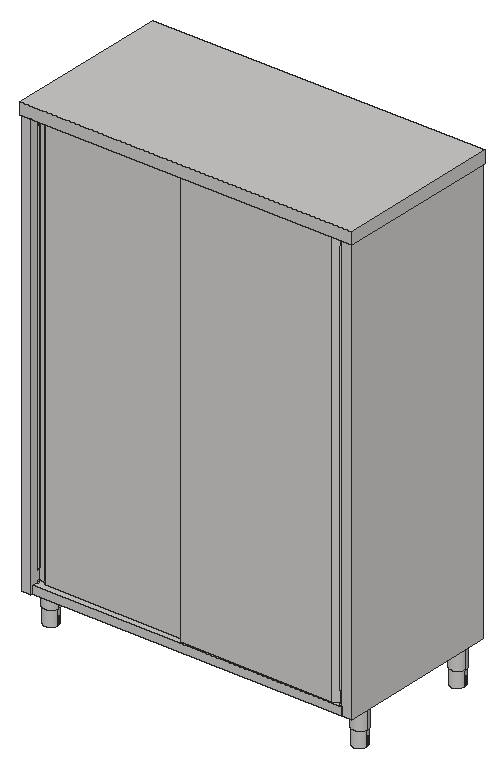
Revit family "QF_ELECTROLUXPROFESSIONAL_133102_AS1400EN", category Attrezzature speciali, Revit 2020
Family settings
  Quota connettore circolare = Usa diametro
  Tipo di parte = Normale
  Basato su piano di lavoro = No
  Sempre verticale = Sì
  Taglio con vuoti quando caricato = No
  Condiviso = No
  Punto di calcolo locali = No
Parameters (values of type "Standard")
  Weight = 120.00 kg
  Watts = 0 W
  Volts = 0 V
  URL Manufacturer = "https://www.electroluxprofessional.com/"
  URL = "https://www.electroluxprofessional.com/"
  Steam Supply Size = 0 mm
  Steam Supply Minimum Pressure = 0.0 Pa
  Steam Supply Maximum Pressure = 0.0 Pa
  Steam Consumption per Hour = 0
  Refrigeration Suction Line Size = 0.0 mm
  Refrigeration Liquid Line Size = 0.0 mm
  Refrigerant Compressor Remote = yes
  Prospetto di default = 0.0 mm
  Phase = 0
  Modello = "AS1400EN"
  Produttore = "Electrolux Professional"
  Length Actual = 1400.0 mm  # constant formula
  Item Number = "133102"
  Hot Water Size = 0 mm
  Height Actual = 2000.0 mm  # constant formula
  HP = "0 HP"
  Gas Size = 0 mm
  Gas KW = 0
  Gas Input Pressure = 0 W
  Direct Waste Size = 0 mm
  Descrizione = "STORAGE CABINET W/SLIDING DOORS 1400 MM"
  Depth Actual = 700.0 mm  # constant formula
  Cycle = 0 Hz
  Condensate Return Size = 0 mm
  Compressed Air Volume = 0.0 L/s
  Compressed Air Size = 0 mm
  Compressed Air Pressure = 0.0 Pa
  Cold Water Size = 0 mm
  Accessory = yes
Reference planes
  plane 1 "Center (Front/Back)": y = 0
  plane 2: z = 0
  plane 3 "Center (Left/Right)": x = -300
  plane 4 "LEFT": x = -1000
  plane 5 "RIGHT": x = 400
  plane 6 "BACK": y = 350
  plane 7 "FRONT": y = -350
  plane 8 "TOP": z = 2000
  plane 9: x = -952
  plane 10: x = 352
  plane 11: y = 270
  plane 12: y = -247
  plane 13 "FEET": z = 150
  plane 14: x = -954.5
  plane 15: y = -344.5
  plane 16: x = 354.5
  plane 17: x = -326.5
  plane 18: x = -273.5
  plane 19 "BaseTop": z = 1950
  plane 20: x = -994.5
  plane 21: x = 394.5
  plane 22: y = 344.5
Forms (mm)
  Extrusion 1, solid, material "QF_Finishes_Stainless Steel"
    sketch origin (0, 0, 150) x (-1, 0, 0) y (0, -1, 0)
      loop
        line (994.5, -350) -> (994.5, 350) -> (954.5, 350) -> (954.5, -350) -> (994.5, -350)
      loop
        line (-354.5, -350) -> (-354.5, 344.5) -> (-394.5, 344.5) -> (-394.5, -350) -> (-354.5, -350)
    from 0 to 1800
  Extrusion 2, solid, material "QF_Finishes_Stainless Steel"
    sketch origin (0, 0, 150) x (-1, 0, 0) y (0, -1, 0)
      loop
        line (954.5, -347) -> (954.5, 344.5) -> (-354.5, 344.5) -> (-354.5, -347) -> (954.5, -347)
    from 0 to 35
  Extrusion 3, solid, material "QF_Finishes_Stainless Steel"
    sketch origin (33, 0, 150) x (-1, 0, 0) y (0, -1, 0)
      loop
        line (306.5, 324.5) -> (306.5, 304.5) -> (985, 304.5) -> (985, 319.071) -> (977.942, 326.129) -> (976.312, 324.5) -> (983, 317.812) -> (983, 309.5) -> (966.034, 309.5) -> (946.034, 324.5) -> (306.5, 324.5)
    from 1800 to 40
  Extrusion 4, void
    sketch origin (0, -350, 0) x (-1, 0, 0) y (0, 0, 1)
      loop
        line (942.418, 247.973) -> (942.418, 191.4) -> (954.5, 191.4) -> (954.5, 229.369) -> (942.418, 247.973)
      loop
        line (942.418, 1916.627) -> (954.5, 1935.231) -> (954.5, 1950) -> (942.418, 1950) -> (942.418, 1916.627)
    from 20.5 to 40.5
  Extrusion 5, solid, material "QF_Finishes_Stainless Steel"
    sketch origin (0, 0, 150) x (-1, 0, 0) y (0, -1, 0)
      loop
        line (-354.5, -350) -> (954.5, -350) -> (954.5, -327) -> (-354.5, -327) -> (-354.5, -350)
    from 1800 to 35
  Extrusion 6, solid, material "QF_Finishes_Stainless Steel"
    sketch origin (0, 0, 1950) x (-1, 0, 0) y (0, -1, 0)
      loop
        line (1000, 350) -> (-400, 350) -> (-400, -350) -> (1000, -350) -> (1000, 350)
    from 0 to 50
  Extrusion 7, solid, material "QF_Finishes_Stainless Steel"
    sketch origin (-633, 0, 150) x (1, 0, 0) y (0, 1, 0)
      loop
        line (306.5, -344.5) -> (946.034, -344.5) -> (966.034, -329.5) -> (983, -329.5) -> (983, -337.812) -> (976.312, -344.5) -> (977.942, -346.129) -> (985, -339.071) -> (985, -324.5) -> (306.5, -324.5) -> (306.5, -344.5)
    from 1800 to 40
  Extrusion 8, void
    sketch origin (-600, -350, 0) x (1, 0, 0) y (0, 0, -1)
      loop
        line (942.418, -247.973) -> (954.5, -229.369) -> (954.5, -191.4) -> (942.418, -191.4) -> (942.418, -247.973)
      loop
        line (942.418, -1916.627) -> (942.418, -1950) -> (954.5, -1950) -> (954.5, -1935.231) -> (942.418, -1916.627)
    from 2.538 to 20.5
Cuts and joins
  Extrusion 4, Extrusion 8 cuts Extrusion 3
  Extrusion 8 cuts Extrusion 1
  Extrusion 8 cuts Extrusion 7
Lines and regions (mm)
  symbolic lines, style "SpecialityEquipmentHiddenLines"
    curve 1: line (-951.5, -324.5, 1600) -> (-951.5, -329.5, 1600)
    curve 6: line (-1000, -350, 1950) -> (400, 350, 1950)
    curve 7: line (-326.5, -324.5, 200) -> (-326.5, -344.5, 200)
    curve 8: line (-952, -304.5, 1950) -> (-273.5, -304.5, 1950)
    curve 9: line (-273.5, -304.5, 1950) -> (-273.5, -324.5, 1950)
    curve 10: line (-273.5, -324.5, 1950) -> (-913.034, -324.5, 1950)
    curve 11: line (-913.034, -324.5, 1950) -> (-933.034, -309.5, 1950)
    curve 12: line (-933.034, -309.5, 1950) -> (-952, -309.5, 1950)
    curve 13: line (-952, -309.5, 1950) -> (-952, -304.5, 1950)
    curve 14: line (-326.5, -344.5, 1950) -> (313.034, -344.5, 1950)
    curve 15: line (313.034, -344.5, 1950) -> (333.034, -329.5, 1950)
    curve 16: line (333.034, -329.5, 1950) -> (352, -329.5, 1950)
    curve 17: line (352, -329.5, 1950) -> (352, -324.5, 1950)
    curve 18: line (352, -324.5, 1950) -> (-273.5, -324.5, 1950)
  symbolic lines, style "SpecialityEquipment"
    curve 2: line (-1000, 350, 1950) -> (400, 350, 1950)
    curve 3: line (-1000, -350, 1950) -> (-1000, 350, 1950)
    curve 4: line (400, -350, 1950) -> (-1000, -350, 1950)
    curve 5: line (400, 350, 1950) -> (400, -350, 1950)
Dimensions and locks
  plane 4 "LEFT" to plane 5 "RIGHT" = 1400.0 mm
  equal spacing: plane 4 "LEFT", plane 3 "Center (Left/Right)", plane 5 "RIGHT"
  plane 6 "BACK" to plane 7 "FRONT" = 700.0 mm
  equal spacing: plane 6 "BACK", plane 1 "Center (Front/Back)", plane 7 "FRONT"
  locked: plane 13 "FEET" to level at 150
  locked: plane 4 "LEFT" to plane 9 at 48
  locked: plane 10 to plane 5 "RIGHT" at 48
  locked: plane 6 "BACK" to plane 11 at 80
  locked: plane 12 to plane 7 "FRONT" at 103
  locked: plane 8 "TOP" to level at 2000
  locked: plane 17 to plane 18 at 53
  equal spacing: plane 17, plane 3 "Center (Left/Right)", plane 18
  locked: plane 8 "TOP" to plane 19 "BaseTop" at 50
  plane 4 "LEFT" to plane 20 = 5.5 mm
  locked: plane 20 to plane 14 at 40
  locked: plane 16 to plane 21 at 40
  locked: plane 21 to plane 5 "RIGHT" at 5.5
  plane 15 to plane 7 "FRONT" = 5.5 mm  (x2)
  plane 6 "BACK" to plane 22 = 5.5 mm
  aligned and locked: level to plane 2
  aligned and locked: plane 9 to nested 1
  aligned and locked: plane 10 to nested 2
  aligned and locked: nested 4 to plane 11
  aligned and locked: plane 9 to nested 3
  aligned and locked: nested 3 to plane 11
  aligned and locked: plane 6 "BACK" to Extrusion 1 sketch curve
  aligned and locked: Extrusion 1 sketch curve to plane 6 "BACK"
  aligned and locked: Extrusion 1 sketch curve to plane 7 "FRONT"
  aligned and locked: plane 14 to Extrusion 1
  aligned and locked: Extrusion 2 to plane 14
  aligned and locked: Extrusion 2 to plane 15
  aligned and locked: nested 1 to plane 12
  aligned and locked: nested 2 to plane 12
  aligned and locked: Extrusion 2 sketch curve to plane 16
  aligned and locked: plane 18 to Extrusion 3
  aligned and locked: nested 4 to nested 2
  aligned and locked: plane 16 to Extrusion 5
  aligned and locked: Extrusion 5 to plane 14
  aligned and locked: plane 19 "BaseTop" to Extrusion 3
  aligned and locked: plane 19 "BaseTop" to Extrusion 5
  aligned and locked: plane 19 "BaseTop" to cut or joined group of Extrusion 7, Extrusion 8
  aligned and locked: plane 19 "BaseTop" to cut or joined group of Extrusion 1, Extrusion 8
Automatic sketch dimensions
  Extrusion 1 sketch curve to plane 15 = 0.0 mm
  Extrusion 1 sketch curve to plane 21 = 0.0 mm
  Extrusion 1 sketch curve to plane 16 = 0.0 mm
  Extrusion 1 sketch curve to plane 14 = 0.0 mm
  Extrusion 1 sketch curve to plane 20 = 0.0 mm
  Extrusion 2 sketch curve to plane 14 = 0.0 mm
  Extrusion 2 sketch curve to plane 15 = 0.0 mm
  plane 22 to Extrusion 2 sketch curve = 2.5 mm
  Extrusion 3 sketch curve to plane 18 = 0.0 mm
  plane 15 to Extrusion 3 sketch curve = 20.0 mm  (x2)
  Extrusion 3 sketch curve to plane 9 = 0.0 mm
  plane 9 to Extrusion 3 sketch curve = 38.966 mm
  plane 9 to Extrusion 3 sketch curve = 18.966 mm
  plane 9 to Extrusion 3 sketch curve = 8.688 mm
  plane 15 to Extrusion 3 sketch curve = 18.371 mm
  Extrusion 3 sketch curve to Extrusion 3 sketch curve = 1.629 mm
  plane 9 to Extrusion 3 sketch curve = 2.0 mm
  plane 15 to Extrusion 3 sketch curve = 35.0 mm
  Extrusion 3 sketch curve to Extrusion 3 sketch curve = 5.0 mm
  plane 9 to curve 1 = 0.5 mm
  plane 15 to curve 1 = 15.0 mm
  curve 1 to curve 1 = 5.0 mm
  curve 7 to plane 15 = 0.0 mm
  curve 7 to plane 17 = 0.0 mm
  plane 15 to curve 7 = 20.0 mm
  Extrusion 5 sketch curve to plane 6 "BACK" = 0.0 mm
  Extrusion 5 sketch curve to plane 16 = 0.0 mm
  Extrusion 5 sketch curve to plane 14 = 0.0 mm
  plane 22 to Extrusion 5 sketch curve = 17.5 mm
  Extrusion 6 sketch curve to plane 5 "RIGHT" = 0.0 mm
  Extrusion 6 sketch curve to plane 4 "LEFT" = 0.0 mm
  Extrusion 6 sketch curve to plane 6 "BACK" = 0.0 mm
  Extrusion 6 sketch curve to plane 7 "FRONT" = 0.0 mm
  Extrusion 7 sketch curve to plane 17 = 0.0 mm
  Extrusion 7 sketch curve to plane 15 = 0.0 mm  (x2)
  Extrusion 7 sketch curve to plane 10 = 0.0 mm
  plane 10 to Extrusion 7 sketch curve = 38.966 mm
  plane 10 to Extrusion 7 sketch curve = 18.966 mm
  plane 10 to Extrusion 7 sketch curve = 8.688 mm
  plane 15 to Extrusion 7 sketch curve = 1.629 mm
  Extrusion 7 sketch curve to Extrusion 7 sketch curve = 1.629 mm
  plane 10 to Extrusion 7 sketch curve = 2.0 mm
  Extrusion 7 sketch curve to plane 15 = 15.0 mm
  Extrusion 7 sketch curve to Extrusion 7 sketch curve = 5.0 mm
  Extrusion 4 sketch curve to plane 19 "BaseTop" = 0.0 mm
  Extrusion 4 sketch curve to plane 14 = 0.0 mm  (x2)
  plane 9 to Extrusion 4 sketch curve = 9.582 mm  (x2)
  Extrusion 4 sketch curve to plane 19 "BaseTop" = 14.769 mm
  plane 13 "FEET" to Extrusion 4 sketch curve = 97.973 mm
  Extrusion 4 sketch curve to Extrusion 4 sketch curve = 18.604 mm  (x2)
  Extrusion 4 sketch curve to Extrusion 4 sketch curve = 37.969 mm
  Extrusion 8 sketch curve to plane 19 "BaseTop" = 0.0 mm
  plane 16 to Extrusion 8 sketch curve = 0.0 mm
  plane 10 to Extrusion 8 sketch curve = 9.582 mm  (x2)
  Extrusion 8 sketch curve to Extrusion 8 sketch curve = 18.604 mm  (x2)
  Extrusion 8 sketch curve to Extrusion 8 sketch curve = 37.969 mm
  Extrusion 8 sketch curve to plane 16 = 0.0 mm
  plane 19 "BaseTop" to Extrusion 8 sketch curve = 14.769 mm
  Extrusion 8 sketch curve to plane 13 "FEET" = 97.973 mm
  curve 6 to plane 5 "RIGHT" = 0.0 mm
  curve 17 to plane 10 = 0.0 mm
  curve 14 to plane 15 = 0.0 mm
  curve 10 to plane 18 = 0.0 mm
  curve 14 to plane 17 = 0.0 mm
  curve 12 to plane 9 = 0.0 mm
  curve 4 to plane 4 "LEFT" = 0.0 mm
  curve 2 to plane 6 "BACK" = 0.0 mm
  curve 5 to plane 7 "FRONT" = 0.0 mm
  curve 16 to plane 10 = 18.966 mm
  curve 15 to curve 14 = 20.0 mm
  plane 9 to curve 10 = 38.966 mm
  curve 12 to curve 12 = 18.966 mm
  curve 8 to curve 12 = 5.0 mm
  curve 8 to curve 10 = 20.0 mm
  plane 15 to curve 17 = 15.0 mm
  curve 17 to curve 16 = 5.0 mm
Nested families
  nested 1: "FEET_D60-150" at (-952, -247, 0), type "FEET_D60-150"
  nested 2: "FEET_D60-150" at (352, -247, 0), type "FEET_D60-150"
  nested 3: "FEET_D60-150" at (-952, 270, 0), type "FEET_D60-150"
  nested 4: "FEET_D60-150" at (352, 270, 0), type "FEET_D60-150"
Definition of nested family "FEET_D60-150"
  Parameters
    Default Elevation = 0.0 mm
    FEET = 150.0 mm
  Reference planes
    plane 1 "Center (Front/Back)": y = 0
    plane 2: z = 0
    plane 3 "Center (Left/Right)": x = 0
    plane 4: z = 150
  Forms (mm)
    Extrusion 1, solid
      sketch origin (0, 0, 0) x (1, 0, 0) y (0, 1, 0)
        loop
          circle (0, 0) r 28
      from 0 to 67
    Revolve 2, solid
      sketch origin (0, 0, 0) x (1, 0, 0) y (0, 0, 1)
        loop
          line (0, 0) -> (0, 150) -> (-32.939, 150) -> (-32.939, 67) -> (-30, 67) -> (-30, 0) -> (0, 0)
        axis (0, 150) -> (0, 0)
      angle from 0 to 360
  Lines and regions (mm)
    symbolic lines
      curve 1: line (0, -1.503, 0) -> (0, 1.508, 0)
      curve 2: line (1.561, 0, 0) -> (-1.439, 0, 0)
  Dimensions and locks
    "FEET": plane 4 to plane 2
    aligned and locked: level to plane 2
  Automatic sketch dimensions
    plane 1 "Center (Front/Back)" to Extrusion 1 sketch curve = 0.0 mm
    Extrusion 1 sketch curve to plane 3 "Center (Left/Right)" = 0.0 mm
    plane 1 "Center (Front/Back)" to curve 2 = 0.0 mm
    curve 1 to plane 3 "Center (Left/Right)" = 0.0 mm
    curve 2 to plane 3 "Center (Left/Right)" = 1.439 mm
    plane 3 "Center (Left/Right)" to curve 2 = 1.561 mm
    plane 1 "Center (Front/Back)" to curve 1 = 1.503 mm
    curve 1 to plane 1 "Center (Front/Back)" = 1.508 mm
    Revolve 2 sketch curve to plane 4 = 0.0 mm
    Revolve 2 sketch curve to level = 0.0 mm
    Revolve 2 sketch curve to plane 3 "Center (Left/Right)" = 0.0 mm  (x2)
    Revolve 2 sketch curve to plane 3 "Center (Left/Right)" = 30.0 mm
    Revolve 2 sketch curve to plane 3 "Center (Left/Right)" = 32.939 mm
    level to Revolve 2 sketch curve = 67.0 mm
    Revolve 2 sketch curve to level = 42.207 mm
    Revolve 2 sketch curve to Revolve 2 sketch curve = 10.0 mm
    radius of Extrusion 1 sketch curve = 28.0 mm
